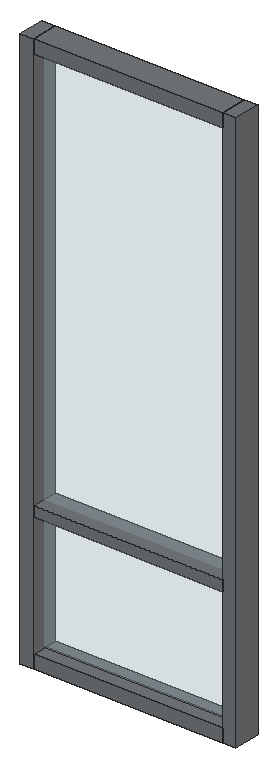
Revit family "LC W02 - A11", category Windows, host Wall, Revit 2027
Family settings
  Host = Wall
  Always vertical = Yes
  Cut with Voids When Loaded = No
  Shared = No
  Room Calculation Point = No
Parameters (values of type "A11 nominal size")
  Height = 2120 mm  # constant formula
  Description = "A07/A08 position, A11 overall sizes. Frame50x100 and glazing6mm are visual coordination profiles; manufacturer sections/glazing specification pending. Panel divisions follow schedule appearance, undimensioned divisions provisional."
  Default Sill Height = 0 mm
  Wall Closure = By host
  Width = 810 mm  # constant formula
Reference planes
  plane 1 "Center (Front/Back)": y = 0
  plane 2 "Center (Left/Right)": x = 0
  plane 3 "Left": x = -405
  plane 4 "Right": x = 405
  plane 5 "Sill": z = 0
  plane 6 "Head": z = 2120
  plane 7 "Exterior": y = 100
  plane 8 "Interior": y = -100
Forms (mm)
  Extrusion 1, solid, material "LC Aluminium - charcoal coordination"
    sketch origin (0, 0, 0) x (1, 0, 0) y (0, 1, 0)
      loop
        line (-405, -50) -> (-355, -50) -> (-355, 50) -> (-405, 50) -> (-405, -50)
    from 0 to 2120
  Extrusion 2, solid, material "LC Aluminium - charcoal coordination"
    sketch origin (0, 0, 0) x (1, 0, 0) y (0, 1, 0)
      loop
        line (355, -50) -> (405, -50) -> (405, 50) -> (355, 50) -> (355, -50)
    from 0 to 2120
  Extrusion 3, solid, material "LC Aluminium - charcoal coordination"
    sketch origin (0, 0, 0) x (1, 0, 0) y (0, 1, 0)
      loop
        line (-355, -50) -> (355, -50) -> (355, 50) -> (-355, 50) -> (-355, -50)
    from 2070 to 2120
  Extrusion 4, solid, material "LC Aluminium - charcoal coordination"
    sketch origin (0, 0, 0) x (1, 0, 0) y (0, 1, 0)
      loop
        line (-355, -50) -> (355, -50) -> (355, 50) -> (-355, 50) -> (-355, -50)
    from 0 to 50
  Extrusion 5, solid, material "LC Aluminium - charcoal coordination"
    sketch origin (0, 0, 0) x (1, 0, 0) y (0, 1, 0)
      loop
        line (-355, -50) -> (355, -50) -> (355, 50) -> (-355, 50) -> (-355, -50)
    from 510 to 550
  Extrusion 6, solid, material "LC Glazing - specification pending"
    sketch origin (0, 0, 0) x (1, 0, 0) y (0, 1, 0)
      loop
        line (-355, -3) -> (355, -3) -> (355, 3) -> (-355, 3) -> (-355, -3)
    from 50 to 530
  Extrusion 7, solid, material "LC Glazing - specification pending"
    sketch origin (0, 0, 0) x (1, 0, 0) y (0, 1, 0)
      loop
        line (-355, -3) -> (355, -3) -> (355, 3) -> (-355, 3) -> (-355, -3)
    from 530 to 2070
Lines and regions (mm)
  Opening 1
    outline origin (3500, -100, 0) x (1, 0, 0) y (0, 0, 1)
      loop
        line (-3095, 0) -> (-3095, 2120) -> (-3905, 2120) -> (-3905, 0) -> (-3095, 0)
Text (mm)
  text "Exterior" at (-1963.203, 1332.353, 0), in view "Ref. Level"
  text "Interior" at (-1981.466, -818.386, 0), in view "Ref. Level"
  text "Exterior" at (0, 923.751, 2943.296), in view "Right"
  text "Exterior" at (0, 1040.484, 2685.409), in view "Left"
Dimensions and locks
  equal spacing: plane 3 "Left", plane 2 "Center (Left/Right)", plane 4 "Right"
  "Width": plane 3 "Left" to plane 4 "Right"
  "Height": plane 5 "Sill" to plane 6 "Head"
  "Default Sill Height": plane 5 "Sill" to level
  locked: plane 7 "Exterior" to host wall
  locked: plane 8 "Interior" to host wall
Automatic sketch dimensions
  Opening 1 sketch curve to plane 3 "Left" = 0 mm
  Opening 1 sketch curve to plane 4 "Right" = 0 mm
  Opening 1 sketch curve to plane 5 "Sill" = 0 mm
  Opening 1 sketch curve to plane 6 "Head" = 0 mm
  Extrusion 1 sketch curve to plane 3 "Left" = 0 mm
  Extrusion 1 sketch curve to Extrusion 1 sketch curve = 50 mm
  host wall to Extrusion 1 sketch curve = 50 mm
  Extrusion 1 sketch curve to host wall = 50 mm
  Extrusion 2 sketch curve to plane 4 "Right" = 0 mm
  plane 4 "Right" to Extrusion 2 sketch curve = 50 mm
  host wall to Extrusion 2 sketch curve = 50 mm
  Extrusion 2 sketch curve to host wall = 50 mm
  Extrusion 3 sketch curve to plane 3 "Left" = 50 mm
  plane 4 "Right" to Extrusion 3 sketch curve = 50 mm
  host wall to Extrusion 3 sketch curve = 50 mm
  Extrusion 3 sketch curve to host wall = 50 mm
  Extrusion 4 sketch curve to plane 3 "Left" = 50 mm
  plane 4 "Right" to Extrusion 4 sketch curve = 50 mm
  host wall to Extrusion 4 sketch curve = 50 mm
  Extrusion 4 sketch curve to host wall = 50 mm
  Extrusion 5 sketch curve to plane 3 "Left" = 50 mm
  plane 4 "Right" to Extrusion 5 sketch curve = 50 mm
  host wall to Extrusion 5 sketch curve = 50 mm
  Extrusion 5 sketch curve to host wall = 50 mm
  host wall to Extrusion 6 sketch curve = 3 mm
  Extrusion 6 sketch curve to plane 3 "Left" = 50 mm
  Extrusion 6 sketch curve to host wall = 3 mm
  plane 4 "Right" to Extrusion 6 sketch curve = 50 mm
  host wall to Extrusion 7 sketch curve = 3 mm
  Extrusion 7 sketch curve to plane 3 "Left" = 50 mm
  Extrusion 7 sketch curve to host wall = 3 mm
  plane 4 "Right" to Extrusion 7 sketch curve = 50 mm
